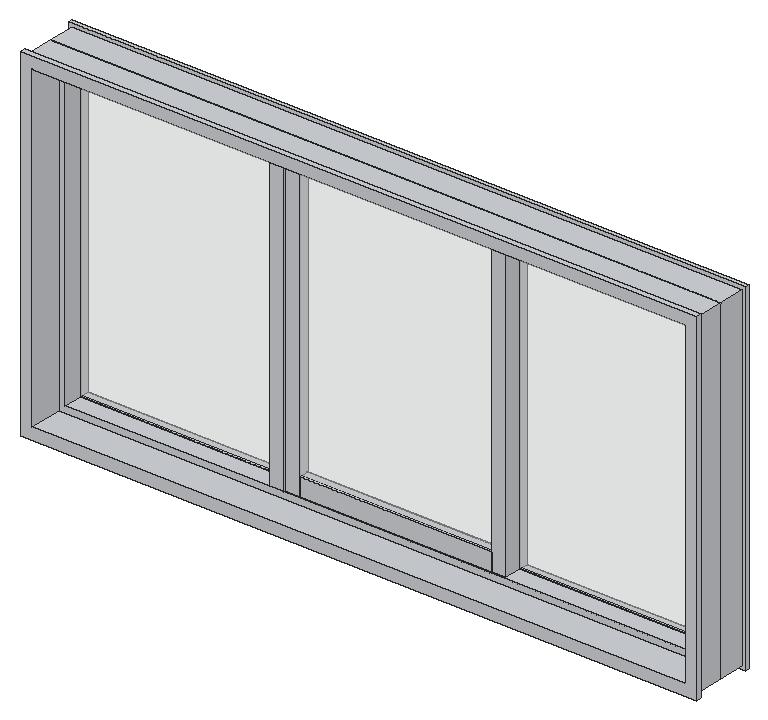
Revit family "APL Residential Thermal Heart Sliding Window FSF", category Windows, host Wall, Revit 2017 (continued)
Definition of nested family "APL Residential Thermal Heart Sliding Window FSF Vertical Section"
  Definition of nested family "Two Panel Head"
    Definition of nested family "65460_Door Top And Window Rail"
      Lines and regions (mm)
        detail lines, in view "Ref. Level"
          curve 200: line (2.895, 20.8, 0) -> (2.602, 20.8, 0)
          curve 201: line (2.202, 21.2, 0) -> (2.202, 24.6, 0)
          curve 202: arc (2.402, 7.33, 0) -> (2.261, 7.271, 0) -> (2.202, 7.13, 0) r 0.2
          curve 203: arc (2.202, 6.53, 0) -> (2.143, 6.388, 0) -> (2.002, 6.33, 0) r 0.2
          curve 204: arc (1.6, 6.33, 0) -> (1.459, 6.388, 0) -> (1.4, 6.53, 0) r 0.2
          curve 205: arc (1.644, 18.06, 0) -> (1.956, 18.728, 0) -> (2.642, 19, 0) r 1
          curve 206: arc (3.119, 19, 0) -> (3.424, 19.199, 0) -> (3.697, 18.957, 0) r 0.3
          curve 207: arc (3.697, 18.957, 0) -> (3.763, 18.819, 0) -> (3.889, 18.731, 0) r 0.3
          curve 208: arc (5.299, 18.218, 0) -> (5.585, 18.262, 0) -> (5.701, 18.526, 0) r 0.3
          curve 209: arc (5.494, 20.891, 0) -> (5.467, 20.992, 0) -> (5.407, 21.077, 0) r 0.3
          curve 210: arc (5.043, 21.441, 0) -> (4.85, 21.493, 0) -> (4.709, 21.352, 0) r 0.2
          curve 211: arc (4.664, 21.184, 0) -> (4.612, 21.095, 0) -> (4.523, 21.043, 0) r 0.2
          curve 212: arc (2.302, 20.5, 0) -> (2.022, 20.693, 0) -> (2.102, 21.023, 0) r 0.3
          curve 213: arc (2.102, 21.023, 0) -> (2.176, 21.125, 0) -> (2.202, 21.247, 0) r 0.3
          curve 214: arc (2.008, 25.25, 0) -> (2.044, 25.422, 0) -> (2.202, 25.5, 0) r 0.2
          curve 215: arc (2.722, 25.5, 0) -> (2.804, 25.489, 0) -> (2.879, 25.456, 0) r 0.3
          curve 216: arc (4.133, 24.691, 0) -> (4.13, 24.521, 0) -> (4.236, 24.388, 0) r 0.25
          curve 217: arc (4.322, 24.336, 0) -> (4.574, 24.332, 0) -> (4.702, 24.55, 0) r 0.25
          curve 218: arc (4.702, 26.696, 0) -> (4.676, 26.794, 0) -> (4.606, 26.867, 0) r 0.2
          curve 219: arc (2.725, 28.015, 0) -> (2.629, 28.186, 0) -> (2.725, 28.357, 0) r 0.2
          curve 220: arc (4.606, 29.505, 0) -> (4.676, 29.578, 0) -> (4.702, 29.676, 0) r 0.2
          curve 221: arc (4.702, 31.7, 0) -> (4.575, 31.918, 0) -> (4.322, 31.914, 0) r 0.25
          curve 222: arc (4.236, 31.861, 0) -> (4.13, 31.729, 0) -> (4.133, 31.559, 0) r 0.25
          curve 223: arc (2.879, 30.794, 0) -> (2.804, 30.761, 0) -> (2.723, 30.75, 0) r 0.3
          curve 224: arc (2.202, 30.75, 0) -> (2.044, 30.828, 0) -> (2.008, 31, 0) r 0.2
          curve 225: arc (2.202, 35.003, 0) -> (2.176, 35.125, 0) -> (2.102, 35.227, 0) r 0.3
          curve 226: arc (2.102, 35.227, 0) -> (2.022, 35.557, 0) -> (2.302, 35.75, 0) r 0.3
          curve 227: arc (4.523, 35.207, 0) -> (4.612, 35.155, 0) -> (4.664, 35.066, 0) r 0.2
          curve 228: arc (4.709, 34.898, 0) -> (4.85, 34.757, 0) -> (5.043, 34.809, 0) r 0.2
          curve 229: arc (5.407, 35.173, 0) -> (5.467, 35.258, 0) -> (5.494, 35.359, 0) r 0.3
          curve 230: arc (5.701, 37.724, 0) -> (5.585, 37.988, 0) -> (5.299, 38.032, 0) r 0.3
          curve 231: arc (3.889, 37.519, 0) -> (3.763, 37.431, 0) -> (3.697, 37.293, 0) r 0.3
          curve 232: arc (3.697, 37.293, 0) -> (3.424, 37.051, 0) -> (3.119, 37.25, 0) r 0.3
          curve 233: arc (2.3, 37.25, 0) -> (1.946, 37.397, 0) -> (1.8, 37.75, 0) r 0.5
          curve 234: arc (1.8, 41.053, 0) -> (1.86, 41.193, 0) -> (2, 41.25, 0) r 0.2
          curve 235: arc (3, 41.25, 0) -> (3.141, 41.309, 0) -> (3.2, 41.45, 0) r 0.2
          curve 236: arc (3.2, 42.55, 0) -> (3.141, 42.692, 0) -> (3, 42.75, 0) r 0.2
          curve 237: arc (2, 42.75, 0) -> (1.86, 42.808, 0) -> (1.8, 42.947, 0) r 0.2
          curve 238: arc (1.8, 56.053, 0) -> (1.86, 56.193, 0) -> (2, 56.25, 0) r 0.2
          curve 239: arc (3, 56.25, 0) -> (3.141, 56.309, 0) -> (3.2, 56.45, 0) r 0.2
          curve 240: arc (3.2, 57.55, 0) -> (3.141, 57.692, 0) -> (3, 57.75, 0) r 0.2
          curve 241: arc (2, 57.75, 0) -> (1.86, 57.808, 0) -> (1.8, 57.947, 0) r 0.2
          curve 242: arc (1.8, 71.8, 0) -> (1.741, 71.942, 0) -> (1.6, 72, 0) r 0.2
          curve 243: arc (0.5, 72, 0) -> (0.146, 71.854, 0) -> (0, 71.5, 0) r 0.5
          curve 244: arc (0, 0.2, 0) -> (0.059, 0.058, 0) -> (0.2, 0, 0) r 0.2
          curve 245: arc (3.002, 0, 0) -> (3.143, 0.058, 0) -> (3.202, 0.2, 0) r 0.2
          curve 246: arc (3.202, 1.63, 0) -> (3.143, 1.771, 0) -> (3.002, 1.83, 0) r 0.2
          curve 247: arc (2.402, 1.83, 0) -> (2.261, 1.771, 0) -> (2.202, 1.63, 0) r 0.2
          curve 248: arc (2.202, 1.28, 0) -> (2.143, 1.138, 0) -> (2.002, 1.08, 0) r 0.2
          curve 249: arc (1.402, 1.08, 0) -> (1.261, 1.138, 0) -> (1.202, 1.28, 0) r 0.2
          curve 250: arc (1.202, 4.38, 0) -> (1.261, 4.521, 0) -> (1.402, 4.58, 0) r 0.2
          curve 251: arc (2.002, 4.58, 0) -> (2.143, 4.521, 0) -> (2.202, 4.38, 0) r 0.2
          curve 252: arc (2.202, 4.03, 0) -> (2.261, 3.888, 0) -> (2.402, 3.83, 0) r 0.2
          curve 253: arc (3.002, 3.83, 0) -> (3.143, 3.888, 0) -> (3.202, 4.03, 0) r 0.2
          curve 254: line (3.002, 7.33, 0) -> (2.402, 7.33, 0)
          curve 255: line (2.202, 7.13, 0) -> (2.202, 6.53, 0)
          curve 256: line (2.002, 6.33, 0) -> (1.6, 6.33, 0)
          curve 257: line (1.4, 6.53, 0) -> (1.4, 14, 0)
          curve 258: line (1.4, 14, 0) -> (1.644, 18.06, 0)
          curve 259: line (2.642, 19, 0) -> (3.119, 19, 0)
          curve 260: line (3.889, 18.731, 0) -> (5.299, 18.218, 0)
          curve 261: line (5.701, 18.526, 0) -> (5.494, 20.891, 0)
          curve 262: line (5.407, 21.077, 0) -> (5.043, 21.441, 0)
          curve 263: line (4.709, 21.352, 0) -> (4.664, 21.184, 0)
          curve 264: line (4.523, 21.043, 0) -> (2.534, 20.51, 0)
          curve 265: line (2.202, 21.247, 0) -> (2.202, 24.474, 0)
          curve 266: line (2.196, 24.524, 0) -> (2.008, 25.25, 0)
          curve 267: line (2.202, 25.5, 0) -> (2.722, 25.5, 0)
          curve 268: line (2.879, 25.456, 0) -> (4.133, 24.691, 0)
          curve 269: line (4.702, 24.55, 0) -> (4.702, 26.696, 0)
          curve 270: line (4.606, 26.867, 0) -> (2.725, 28.015, 0)
          curve 271: line (2.725, 28.357, 0) -> (4.606, 29.505, 0)
          curve 272: line (4.702, 29.676, 0) -> (4.702, 31.7, 0)
          curve 273: line (4.133, 31.559, 0) -> (2.879, 30.794, 0)
          curve 274: line (2.723, 30.75, 0) -> (2.202, 30.75, 0)
          curve 275: line (2.008, 31, 0) -> (2.196, 31.726, 0)
          curve 276: line (2.202, 31.776, 0) -> (2.202, 35.003, 0)
          curve 277: line (2.534, 35.74, 0) -> (4.523, 35.207, 0)
          curve 278: line (4.664, 35.066, 0) -> (4.709, 34.898, 0)
          curve 279: line (5.043, 34.809, 0) -> (5.407, 35.173, 0)
          curve 280: line (5.494, 35.359, 0) -> (5.701, 37.724, 0)
          curve 281: line (5.299, 38.032, 0) -> (3.889, 37.519, 0)
          curve 282: line (3.119, 37.25, 0) -> (2.3, 37.25, 0)
          curve 283: line (1.8, 37.75, 0) -> (1.8, 41.053, 0)
          curve 284: line (2, 41.25, 0) -> (3, 41.25, 0)
          curve 285: line (3.2, 41.45, 0) -> (3.2, 42.55, 0)
          curve 286: line (3, 42.75, 0) -> (2, 42.75, 0)
          curve 287: line (1.8, 42.947, 0) -> (1.8, 56.053, 0)
          curve 288: line (2, 56.25, 0) -> (3, 56.25, 0)
          curve 289: line (3.2, 56.45, 0) -> (3.2, 57.55, 0)
          curve 290: line (3, 57.75, 0) -> (2, 57.75, 0)
          curve 291: line (1.8, 57.947, 0) -> (1.8, 71.8, 0)
          curve 292: line (1.6, 72, 0) -> (0.5, 72, 0)
          curve 293: line (0, 71.5, 0) -> (0, 0.2, 0)
          curve 294: line (0.2, 0, 0) -> (3.002, 0, 0)
          curve 295: line (3.202, 0.2, 0) -> (3.202, 1.63, 0)
          curve 296: line (3.002, 1.83, 0) -> (2.402, 1.83, 0)
          curve 297: line (2.202, 1.63, 0) -> (2.202, 1.28, 0)
          curve 298: line (2.002, 1.08, 0) -> (1.402, 1.08, 0)
          curve 299: line (1.202, 1.28, 0) -> (1.202, 4.38, 0)
          curve 300: line (1.402, 4.58, 0) -> (2.002, 4.58, 0)
          curve 301: line (2.202, 4.38, 0) -> (2.202, 4.03, 0)
          curve 302: line (2.402, 3.83, 0) -> (3.002, 3.83, 0)
          curve 303: line (3.202, 4.03, 0) -> (3.202, 7.13, 0)
          curve 304: arc (3.202, 7.13, 0) -> (3.143, 7.271, 0) -> (3.002, 7.33, 0) r 0.2
      Text (mm)
        text "65460" at (7.711, 85.3, 0), in view "Ref. Level"
    Definition of nested family "65400_Frame Head"
      Reference planes
        plane 1 "Center (Front/Back)": y = 0
        plane 2: z = 0
        plane 3 "Center (Left/Right)": x = 0
      Lines and regions (mm)
        detail lines, in view "Ref. Level"
          curve 1: arc (46.1, -24.2, 0) -> (45.602, -22.998, 0) -> (44.4, -22.5, 0) r 1.7
          curve 2: arc (29.9, -22.5, 0) -> (29.546, -22.354, 0) -> (29.4, -22, 0) r 0.5
          curve 3: arc (29.4, -8.901, 0) -> (29.546, -8.547, 0) -> (29.9, -8.4, 0) r 0.5
          curve 4: arc (36.605, -8.4, 0) -> (37.013, -8.479, 0) -> (37.363, -8.704, 0) r 1.1
          curve 5: arc (37.363, -8.704, 0) -> (38.199, -9.316, 0) -> (39.189, -9.621, 0) r 3.126
          curve 6: arc (62.286, -10.8, 0) -> (62.738, -11.119, 0) -> (63.285, -11.042, 0) r 0.75
          curve 7: arc (63.285, -11.042, 0) -> (64.2, -10.8, 0) -> (65.115, -11.042, 0) r 1.85
          curve 8: arc (65.115, -11.042, 0) -> (65.281, -11.112, 0) -> (65.459, -11.14, 0) r 0.75
          curve 9: arc (65.459, -11.14, 0) -> (65.663, -11.192, 0) -> (65.828, -11.324, 0) r 0.5
          curve 10: arc (65.828, -11.324, 0) -> (66.3, -12.65, 0) -> (65.828, -13.976, 0) r 2.1
          curve 11: arc (65.828, -13.976, 0) -> (65.663, -14.108, 0) -> (65.459, -14.16, 0) r 0.5
          curve 12: arc (65.459, -14.16, 0) -> (65.281, -14.188, 0) -> (65.115, -14.258, 0) r 0.75
          curve 13: arc (65.115, -14.258, 0) -> (63.721, -14.437, 0) -> (62.604, -13.585, 0) r 1.85
          curve 14: arc (62.604, -13.585, 0) -> (61.577, -13.317, 0) -> (61.309, -14.343, 0) r 0.75
          curve 15: arc (61.309, -14.343, 0) -> (62.349, -15.442, 0) -> (63.765, -15.972, 0) r 3.35
          curve 16: arc (63.765, -15.972, 0) -> (64.076, -16.138, 0) -> (64.2, -16.467, 0) r 0.5
          curve 17: arc (64.2, -25.517, 0) -> (64.489, -27.435, 0) -> (65.33, -29.182, 0) r 6.5
          curve 18: arc (65.33, -29.182, 0) -> (65.978, -30.526, 0) -> (66.2, -32, 0) r 5
          curve 19: arc (66.2, -41.1, 0) -> (66.054, -41.454, 0) -> (65.7, -41.6, 0) r 0.5
          curve 20: arc (47, -41.6, 0) -> (46.646, -41.454, 0) -> (46.5, -41.1, 0) r 0.5
          curve 21: arc (46.5, -36.5, 0) -> (46.396, -35.952, 0) -> (46.1, -35.48, 0) r 1.5
          curve 22: arc (24.183, -8.227, 0) -> (24.053, -8.162, 0) -> (24, -8.027, 0) r 0.2
          curve 23: arc (24.399, -5.679, 0) -> (24.668, -5.392, 0) -> (25.06, -5.387, 0) r 0.5
          curve 24: arc (25.06, -5.387, 0) -> (25.236, -5.3, 0) -> (25.42, -5.367, 0) r 0.25
          curve 25: arc (25.42, -5.367, 0) -> (25.563, -5.498, 0) -> (25.569, -5.691, 0) r 0.25
          curve 26: arc (26.823, -6.456, 0) -> (26.898, -6.489, 0) -> (26.979, -6.5, 0) r 0.3
          curve 27: arc (27.5, -6.5, 0) -> (27.658, -6.422, 0) -> (27.694, -6.25, 0) r 0.2
          curve 28: arc (27.5, -2.247, 0) -> (27.526, -2.125, 0) -> (27.6, -2.024, 0) r 0.3
          curve 29: arc (27.6, -2.024, 0) -> (27.664, -1.657, 0) -> (27.322, -1.51, 0) r 0.3
          curve 30: arc (25.179, -2.043, 0) -> (25.09, -2.095, 0) -> (25.038, -2.184, 0) r 0.2
          curve 31: arc (24.993, -2.352, 0) -> (24.852, -2.493, 0) -> (24.659, -2.441, 0) r 0.2
          curve 32: arc (24.295, -2.078, 0) -> (24.235, -1.992, 0) -> (24.208, -1.892, 0) r 0.3
          curve 33: arc (24.001, 0.474, 0) -> (24.117, 0.738, 0) -> (24.403, 0.782, 0) r 0.3
          curve 34: arc (25.813, 0.268, 0) -> (25.939, 0.181, 0) -> (26.005, 0.043, 0) r 0.3
          curve 35: arc (26.005, 0.043, 0) -> (26.278, -0.199, 0) -> (26.583, 0, 0) r 0.3
          curve 36: arc (28.9, 0, 0) -> (29.254, -0.146, 0) -> (29.4, -0.5, 0) r 0.5
          curve 37: arc (29.4, -6.1, 0) -> (29.546, -6.454, 0) -> (29.9, -6.6, 0) r 0.499
          curve 38: arc (37.767, -6.6, 0) -> (38.931, -6.835, 0) -> (39.913, -7.503, 0) r 2.996
          curve 39: arc (39.913, -7.503, 0) -> (40.232, -7.73, 0) -> (40.611, -7.831, 0) r 1.1
          curve 40: arc (68.1, -8.9, 0) -> (68.241, -8.841, 0) -> (68.3, -8.7, 0) r 0.2
          curve 41: arc (68.3, -0.5, 0) -> (68.446, -0.146, 0) -> (68.8, 0, 0) r 0.5
          curve 42: arc (71.117, 0, 0) -> (71.422, -0.199, 0) -> (71.695, 0.043, 0) r 0.3
          curve 43: arc (71.695, 0.043, 0) -> (71.761, 0.181, 0) -> (71.887, 0.268, 0) r 0.3
          curve 44: arc (73.297, 0.782, 0) -> (73.583, 0.738, 0) -> (73.699, 0.474, 0) r 0.3
          curve 45: arc (73.492, -1.892, 0) -> (73.465, -1.992, 0) -> (73.405, -2.078, 0) r 0.3
          curve 46: arc (73.041, -2.441, 0) -> (72.848, -2.493, 0) -> (72.707, -2.352, 0) r 0.2
          curve 47: arc (72.662, -2.184, 0) -> (72.61, -2.095, 0) -> (72.521, -2.043, 0) r 0.2
          curve 48: arc (70.378, -1.51, 0) -> (70.036, -1.657, 0) -> (70.1, -2.024, 0) r 0.3
          curve 49: arc (70.1, -2.024, 0) -> (70.174, -2.125, 0) -> (70.2, -2.247, 0) r 0.3
          curve 50: arc (70.006, -6.25, 0) -> (70.042, -6.422, 0) -> (70.2, -6.5, 0) r 0.2
          curve 51: arc (70.721, -6.5, 0) -> (70.802, -6.489, 0) -> (70.877, -6.456, 0) r 0.3
          curve 52: arc (72.131, -5.691, 0) -> (72.137, -5.498, 0) -> (72.28, -5.367, 0) r 0.25
          curve 53: arc (72.28, -5.367, 0) -> (72.55, -5.321, 0) -> (72.7, -5.55, 0) r 0.25
          curve 54: arc (72.7, -7.124, 0) -> (72.618, -7.522, 0) -> (72.385, -7.854, 0) r 1
          curve 55: arc (72.385, -7.854, 0) -> (72.322, -8, 0) -> (72.385, -8.146, 0) r 0.2
          curve 56: arc (72.385, -8.146, 0) -> (72.618, -8.477, 0) -> (72.7, -8.874, 0) r 1
          curve 57: arc (72.7, -10.449, 0) -> (72.573, -10.668, 0) -> (72.32, -10.663, 0) r 0.25
          curve 58: arc (72.234, -10.611, 0) -> (72.128, -10.479, 0) -> (72.131, -10.309, 0) r 0.25
          curve 59: arc (70.877, -9.544, 0) -> (70.802, -9.511, 0) -> (70.721, -9.5, 0) r 0.3
          curve 60: arc (70.2, -9.5, 0) -> (70.042, -9.578, 0) -> (70.006, -9.75, 0) r 0.2
          curve 61: arc (70.2, -13.753, 0) -> (70.174, -13.876, 0) -> (70.1, -13.976, 0) r 0.3
          curve 62: arc (70.1, -13.976, 0) -> (70.02, -14.307, 0) -> (70.3, -14.5, 0) r 0.3
          curve 63: arc (72.521, -13.957, 0) -> (72.61, -13.905, 0) -> (72.662, -13.816, 0) r 0.2
          curve 64: arc (72.707, -13.648, 0) -> (72.848, -13.507, 0) -> (73.041, -13.559, 0) r 0.2
          curve 65: arc (73.405, -13.922, 0) -> (73.465, -14.008, 0) -> (73.492, -14.108, 0) r 0.3
          curve 66: arc (73.699, -16.474, 0) -> (73.583, -16.738, 0) -> (73.297, -16.782, 0) r 0.3
          curve 67: arc (71.887, -16.268, 0) -> (71.761, -16.181, 0) -> (71.695, -16.043, 0) r 0.3
          curve 68: arc (71.695, -16.043, 0) -> (71.422, -15.801, 0) -> (71.117, -16, 0) r 0.3
          curve 69: arc (66.201, -16, 0) -> (65.847, -16.146, 0) -> (65.7, -16.5, 0) r 0.5
          curve 70: arc (65.7, -25.519, 0) -> (65.922, -26.994, 0) -> (66.57, -28.337, 0) r 5
          curve 71: arc (66.57, -28.337, 0) -> (67.411, -30.083, 0) -> (67.7, -32, 0) r 6.5
          curve 72: arc (67.7, -33.1, 0) -> (67.759, -33.241, 0) -> (67.9, -33.3, 0) r 0.2
          curve 73: arc (69.3, -33.3, 0) -> (69.441, -33.241, 0) -> (69.5, -33.1, 0) r 0.2
          curve 74: arc (69.5, -32.8, 0) -> (70, -32.299, 0) -> (70.5, -32.8, 0) r 0.5
          curve 75: arc (70.5, -35.351, 0) -> (69.999, -35.85, 0) -> (69.5, -35.35, 0) r 0.5
          curve 76: arc (69.5, -34.5, 0) -> (69.441, -34.359, 0) -> (69.3, -34.3, 0) r 0.2
          curve 77: arc (67.9, -34.3, 0) -> (67.759, -34.359, 0) -> (67.7, -34.5, 0) r 0.2
          curve 78: arc (67.7, -41.8, 0) -> (67.759, -41.941, 0) -> (67.9, -42, 0) r 0.2
          curve 79: arc (69.3, -42, 0) -> (69.441, -41.941, 0) -> (69.5, -41.8, 0) r 0.2
          curve 80: arc (69.5, -40.95, 0) -> (70, -40.449, 0) -> (70.5, -40.95, 0) r 0.5
          curve 81: arc (70.5, -42.499, 0) -> (70.354, -42.853, 0) -> (70, -43, 0) r 0.5
          curve 82: arc (42.7, -43, 0) -> (42.559, -42.941, 0) -> (42.5, -42.8, 0) r 0.2
          curve 83: arc (42.5, -41.25, 0) -> (43, -40.749, 0) -> (43.5, -41.25, 0) r 0.5
          curve 84: arc (43.5, -41.8, 0) -> (43.559, -41.941, 0) -> (43.7, -42, 0) r 0.2
          curve 85: arc (44.8, -42, 0) -> (44.941, -41.941, 0) -> (45, -41.8, 0) r 0.2
          curve 86: arc (45, -36.7, 0) -> (44.941, -36.559, 0) -> (44.8, -36.5, 0) r 0.2
          curve 87: arc (43.7, -36.5, 0) -> (43.559, -36.559, 0) -> (43.5, -36.7, 0) r 0.2
          curve 88: arc (43.5, -37.25, 0) -> (43, -37.749, 0) -> (42.5, -37.25, 0) r 0.5
          curve 89: arc (42.5, -36.5, 0) -> (42.793, -35.793, 0) -> (43.5, -35.5, 0) r 1
          curve 90: arc (44.395, -35.5, 0) -> (44.539, -35.443, 0) -> (44.6, -35.3, 0) r 0.202
          curve 91: arc (44.6, -24.2, 0) -> (44.538, -24.058, 0) -> (44.395, -24, 0) r 0.205
          curve 92: arc (26.583, -24, 0) -> (26.278, -23.801, 0) -> (26.005, -24.043, 0) r 0.3
          curve 93: arc (26.005, -24.043, 0) -> (25.939, -24.181, 0) -> (25.813, -24.268, 0) r 0.3
          curve 94: arc (24.403, -24.782, 0) -> (24.117, -24.738, 0) -> (24.001, -24.474, 0) r 0.3
          curve 95: arc (24.208, -22.108, 0) -> (24.235, -22.008, 0) -> (24.295, -21.922, 0) r 0.3
          curve 96: arc (24.659, -21.559, 0) -> (24.852, -21.507, 0) -> (24.993, -21.648, 0) r 0.2
          curve 97: arc (25.038, -21.816, 0) -> (25.09, -21.905, 0) -> (25.179, -21.957, 0) r 0.2
          curve 98: arc (27.322, -22.49, 0) -> (27.664, -22.343, 0) -> (27.6, -21.976, 0) r 0.3
          curve 99: arc (27.6, -21.976, 0) -> (27.526, -21.875, 0) -> (27.5, -21.753, 0) r 0.3
          curve 100: arc (27.694, -17.75, 0) -> (27.658, -17.578, 0) -> (27.5, -17.5, 0) r 0.2
          curve 101: arc (26.979, -17.5, 0) -> (26.898, -17.511, 0) -> (26.823, -17.544, 0) r 0.3
          curve 102: arc (25.569, -18.309, 0) -> (25.563, -18.502, 0) -> (25.42, -18.633, 0) r 0.25
          curve 103: arc (25.42, -18.633, 0) -> (25.15, -18.679, 0) -> (25, -18.45, 0) r 0.25
          curve 104: arc (25, -16.874, 0) -> (25.128, -16.385, 0) -> (25.479, -16.021, 0) r 1
          curve 105: line (46.1, -35.48, 0) -> (46.1, -24.2, 0)
          curve 106: line (44.4, -22.5, 0) -> (29.9, -22.5, 0)
          curve 107: line (29.4, -22, 0) -> (29.4, -8.901, 0)
          curve 108: line (29.9, -8.4, 0) -> (36.605, -8.4, 0)
          curve 109: line (39.189, -9.621, 0) -> (53.629, -10.8, 0)
          curve 110: line (53.629, -10.8, 0) -> (62.286, -10.8, 0)
          curve 111: line (64.2, -16.467, 0) -> (64.2, -25.517, 0)
          curve 112: line (66.2, -32, 0) -> (66.2, -41.1, 0)
          curve 113: line (65.7, -41.6, 0) -> (47, -41.6, 0)
          curve 114: line (46.5, -41.1, 0) -> (46.5, -36.5, 0)
          curve 115: line (27.317, -8.501, 0) -> (24.183, -8.227, 0)
          curve 116: line (24, -8.027, 0) -> (24, -6.776, 0)
          curve 117: line (24, -6.776, 0) -> (24.399, -5.679, 0)
          curve 118: line (25.569, -5.691, 0) -> (26.823, -6.456, 0)
          curve 119: line (26.979, -6.5, 0) -> (27.5, -6.5, 0)
          curve 120: line (27.694, -6.25, 0) -> (27.5, -5.5, 0)
          curve 121: line (27.5, -5.475, 0) -> (27.5, -2.247, 0)
          curve 122: line (27.312, -1.472, 0) -> (25.179, -2.043, 0)
          curve 123: line (25.038, -2.184, 0) -> (24.993, -2.352, 0)
          curve 124: line (24.659, -2.441, 0) -> (24.295, -2.078, 0)
          curve 125: line (24.208, -1.892, 0) -> (24.001, 0.474, 0)
          curve 126: line (24.403, 0.782, 0) -> (25.813, 0.268, 0)
          curve 127: line (26.583, 0, 0) -> (28.9, 0, 0)
          curve 128: line (29.4, -0.5, 0) -> (29.4, -6.1, 0)
          curve 129: line (29.9, -6.6, 0) -> (33.5, -6.6, 0)
          curve 130: line (33.5, -6.6, 0) -> (33.9, -7, 0)
          curve 131: line (33.9, -7, 0) -> (34.3, -6.6, 0)
          curve 132: line (34.3, -6.6, 0) -> (37.767, -6.6, 0)
          curve 133: line (40.611, -7.831, 0) -> (53.707, -8.9, 0)
          curve 134: line (53.707, -8.9, 0) -> (58.307, -8.9, 0)
          curve 135: line (58.307, -8.9, 0) -> (58.707, -9.3, 0)
          curve 136: line (58.707, -9.3, 0) -> (59.107, -8.9, 0)
          curve 137: line (59.107, -8.9, 0) -> (68.1, -8.9, 0)
          curve 138: line (68.3, -8.7, 0) -> (68.3, -0.5, 0)
          curve 139: line (68.8, 0, 0) -> (71.117, 0, 0)
          curve 140: line (71.887, 0.268, 0) -> (73.297, 0.782, 0)
          curve 141: line (73.699, 0.474, 0) -> (73.492, -1.892, 0)
          curve 142: line (73.405, -2.078, 0) -> (73.041, -2.441, 0)
          curve 143: line (72.707, -2.352, 0) -> (72.662, -2.184, 0)
          curve 144: line (72.521, -2.043, 0) -> (70.388, -1.472, 0)
          curve 145: line (70.2, -2.247, 0) -> (70.2, -5.475, 0)
          curve 146: line (70.2, -5.5, 0) -> (70.006, -6.25, 0)
          curve 147: line (70.2, -6.5, 0) -> (70.721, -6.5, 0)
          curve 148: line (70.877, -6.456, 0) -> (72.131, -5.691, 0)
          curve 149: line (72.7, -5.55, 0) -> (72.7, -7.124, 0)
          curve 150: line (72.7, -8.874, 0) -> (72.7, -10.449, 0)
          curve 151: line (72.131, -10.309, 0) -> (70.877, -9.544, 0)
          curve 152: line (70.721, -9.5, 0) -> (70.2, -9.5, 0)
          curve 153: line (70.006, -9.75, 0) -> (70.2, -10.5, 0)
          curve 154: line (70.2, -10.525, 0) -> (70.2, -13.753, 0)
          curve 155: line (70.532, -14.49, 0) -> (72.521, -13.957, 0)
          curve 156: line (72.662, -13.816, 0) -> (72.707, -13.648, 0)
          curve 157: line (73.041, -13.559, 0) -> (73.405, -13.922, 0)
          curve 158: line (73.492, -14.108, 0) -> (73.699, -16.474, 0)
          curve 159: line (73.297, -16.782, 0) -> (71.887, -16.268, 0)
          curve 160: line (71.117, -16, 0) -> (66.201, -16, 0)
          curve 161: line (65.7, -16.5, 0) -> (65.7, -25.519, 0)
          curve 162: line (67.7, -32, 0) -> (67.7, -33.1, 0)
          curve 163: line (67.9, -33.3, 0) -> (69.3, -33.3, 0)
          curve 164: line (69.5, -33.1, 0) -> (69.5, -32.8, 0)
          curve 165: line (70.5, -32.8, 0) -> (70.5, -35.351, 0)
          curve 166: line (69.5, -35.35, 0) -> (69.5, -34.5, 0)
          curve 167: line (69.3, -34.3, 0) -> (67.9, -34.3, 0)
          curve 168: line (67.7, -34.5, 0) -> (67.7, -41.8, 0)
          curve 169: line (67.9, -42, 0) -> (69.3, -42, 0)
          curve 170: line (69.5, -41.8, 0) -> (69.5, -40.95, 0)
          curve 171: line (70.5, -40.95, 0) -> (70.5, -42.499, 0)
          curve 172: line (70, -43, 0) -> (42.7, -43, 0)
          curve 173: line (42.5, -42.8, 0) -> (42.5, -41.25, 0)
          curve 174: line (43.5, -41.25, 0) -> (43.5, -41.8, 0)
          curve 175: line (43.7, -42, 0) -> (44.8, -42, 0)
          curve 176: line (45, -41.8, 0) -> (45, -36.7, 0)
          curve 177: line (44.8, -36.5, 0) -> (43.7, -36.5, 0)
          curve 178: line (43.5, -36.7, 0) -> (43.5, -37.25, 0)
          curve 179: line (42.5, -37.25, 0) -> (42.5, -36.5, 0)
          curve 180: line (43.5, -35.5, 0) -> (44.395, -35.5, 0)
          curve 181: line (44.6, -35.3, 0) -> (44.6, -24.2, 0)
          curve 182: line (44.395, -24, 0) -> (34.3, -24, 0)
          curve 183: line (34.3, -24, 0) -> (33.9, -23.6, 0)
          curve 184: line (33.9, -23.6, 0) -> (33.5, -24, 0)
          curve 185: line (33.5, -24, 0) -> (26.583, -24, 0)
          curve 186: line (25.813, -24.268, 0) -> (24.403, -24.782, 0)
          curve 187: line (24.001, -24.474, 0) -> (24.208, -22.108, 0)
          curve 188: line (24.295, -21.922, 0) -> (24.659, -21.559, 0)
          curve 189: line (24.993, -21.648, 0) -> (25.038, -21.816, 0)
          curve 190: line (25.179, -21.957, 0) -> (27.312, -22.528, 0)
          curve 191: line (27.5, -21.753, 0) -> (27.5, -18.525, 0)
          curve 192: line (27.5, -18.5, 0) -> (27.694, -17.75, 0)
          curve 193: line (27.5, -17.5, 0) -> (26.979, -17.5, 0)
          curve 194: line (26.823, -17.544, 0) -> (25.569, -18.309, 0)
          curve 195: line (25, -18.45, 0) -> (25, -16.874, 0)
          curve 196: line (25.479, -16.021, 0) -> (26.284, -15.529, 0)
          curve 197: line (26.389, -15.5, 0) -> (27.5, -15.5, 0)
          curve 198: line (27.5, -15.5, 0) -> (27.5, -8.7, 0)
          curve 199: arc (27.5, -8.7, 0) -> (27.447, -8.565, 0) -> (27.317, -8.501, 0) r 0.2
          curve 200: arc (70.2, -10.4, 0) -> (70.317, -10.117, 0) -> (70.6, -10, 0) r 0.4
          curve 201: arc (70.893, -10, 0) -> (70.996, -10.014, 0) -> (71.093, -10.054, 0) r 0.4
          curve 202: arc (72.621, -10.939, 0) -> (72.911, -11.059, 0) -> (73.222, -11.1, 0) r 1.2
          curve 203: arc (74.145, -11.1, 0) -> (74.718, -11.281, 0) -> (75.084, -11.758, 0) r 1
          curve 204: arc (75.877, -13.937, 0) -> (76.024, -14.128, 0) -> (76.253, -14.2, 0) r 0.4
          curve 205: arc (78.947, -14.2, 0) -> (79.176, -14.128, 0) -> (79.323, -13.937, 0) r 0.4
          curve 206: arc (80.116, -11.758, 0) -> (80.482, -11.281, 0) -> (81.055, -11.1, 0) r 1
          curve 207: arc (81.978, -11.1, 0) -> (82.289, -11.059, 0) -> (82.579, -10.939, 0) r 1.2
          curve 208: arc (84.107, -10.054, 0) -> (84.204, -10.014, 0) -> (84.307, -10, 0) r 0.4
          curve 209: arc (84.6, -10, 0) -> (84.883, -10.117, 0) -> (85, -10.4, 0) r 0.4
          curve 210: arc (85, -13.8, 0) -> (84.883, -14.083, 0) -> (84.6, -14.2, 0) r 0.4
          curve 211: arc (84.307, -14.2, 0) -> (84.204, -14.186, 0) -> (84.107, -14.146, 0) r 0.4
          curve 212: arc (82.579, -13.262, 0) -> (82.285, -13.14, 0) -> (81.97, -13.1, 0) r 1.2
          curve 213: arc (81.97, -13.1, 0) -> (81.795, -13.153, 0) -> (81.684, -13.297, 0) r 0.3
          curve 214: arc (80.796, -15.737, 0) -> (80.649, -15.928, 0) -> (80.42, -16, 0) r 0.4
          curve 215: arc (74.78, -16, 0) -> (74.551, -15.928, 0) -> (74.404, -15.737, 0) r 0.4
          curve 216: arc (73.516, -13.297, 0) -> (73.405, -13.153, 0) -> (73.23, -13.1, 0) r 0.3
          curve 217: arc (73.23, -13.1, 0) -> (72.915, -13.14, 0) -> (72.621, -13.262, 0) r 1.2
          curve 218: arc (71.093, -14.146, 0) -> (70.996, -14.186, 0) -> (70.893, -14.2, 0) r 0.4
          curve 219: arc (70.6, -14.2, 0) -> (70.317, -14.083, 0) -> (70.2, -13.8, 0) r 0.4
          curve 220: line (70.6, -10, 0) -> (70.893, -10, 0)
          curve 221: line (71.093, -10.054, 0) -> (72.621, -10.939, 0)
          curve 222: line (73.222, -11.1, 0) -> (74.145, -11.1, 0)
          curve 223: line (75.084, -11.758, 0) -> (75.877, -13.937, 0)
          curve 224: line (76.253, -14.2, 0) -> (78.947, -14.2, 0)
          curve 225: line (79.323, -13.937, 0) -> (80.116, -11.758, 0)
          curve 226: line (81.055, -11.1, 0) -> (81.978, -11.1, 0)
          curve 227: line (82.579, -10.939, 0) -> (84.107, -10.054, 0)
          curve 228: line (84.307, -10, 0) -> (84.6, -10, 0)
          curve 229: line (85, -10.4, 0) -> (85, -13.8, 0)
          curve 230: line (84.6, -14.2, 0) -> (84.307, -14.2, 0)
          curve 231: line (84.107, -14.146, 0) -> (82.579, -13.262, 0)
          curve 232: line (81.684, -13.297, 0) -> (80.796, -15.737, 0)
          curve 233: line (80.42, -16, 0) -> (74.78, -16, 0)
          curve 234: line (74.404, -15.737, 0) -> (73.516, -13.297, 0)
          curve 235: line (72.621, -13.262, 0) -> (71.093, -14.146, 0)
          curve 236: line (70.893, -14.2, 0) -> (70.6, -14.2, 0)
          curve 237: line (70.2, -13.8, 0) -> (70.2, -10.4, 0)
          curve 238: arc (70.2, -5.6, 0) -> (70.317, -5.883, 0) -> (70.6, -6, 0) r 0.4
          curve 239: arc (70.893, -6, 0) -> (70.996, -5.986, 0) -> (71.093, -5.946, 0) r 0.4
          curve 240: arc (72.621, -5.061, 0) -> (72.911, -4.941, 0) -> (73.222, -4.9, 0) r 1.2
          curve 241: arc (74.145, -4.9, 0) -> (74.718, -4.719, 0) -> (75.084, -4.242, 0) r 1
          curve 242: arc (75.877, -2.063, 0) -> (76.024, -1.872, 0) -> (76.253, -1.8, 0) r 0.4
          curve 243: arc (78.947, -1.8, 0) -> (79.176, -1.872, 0) -> (79.323, -2.063, 0) r 0.4
          curve 244: arc (80.116, -4.242, 0) -> (80.482, -4.719, 0) -> (81.055, -4.9, 0) r 1
          curve 245: arc (81.978, -4.9, 0) -> (82.289, -4.941, 0) -> (82.579, -5.061, 0) r 1.2
          curve 246: arc (84.107, -5.946, 0) -> (84.204, -5.986, 0) -> (84.307, -6, 0) r 0.4
          curve 247: arc (84.6, -6, 0) -> (84.883, -5.883, 0) -> (85, -5.6, 0) r 0.4
          curve 248: arc (85, -2.2, 0) -> (84.883, -1.917, 0) -> (84.6, -1.8, 0) r 0.4
          curve 249: arc (84.307, -1.8, 0) -> (84.204, -1.814, 0) -> (84.107, -1.854, 0) r 0.4
          curve 250: arc (82.579, -2.739, 0) -> (82.285, -2.86, 0) -> (81.97, -2.9, 0) r 1.2
          curve 251: arc (81.97, -2.9, 0) -> (81.795, -2.847, 0) -> (81.684, -2.703, 0) r 0.3
          curve 252: arc (80.796, -0.263, 0) -> (80.649, -0.072, 0) -> (80.42, 0, 0) r 0.4
          curve 253: arc (74.78, 0, 0) -> (74.551, -0.072, 0) -> (74.404, -0.263, 0) r 0.4
          curve 254: arc (73.516, -2.703, 0) -> (73.405, -2.847, 0) -> (73.23, -2.9, 0) r 0.3
          curve 255: arc (73.23, -2.9, 0) -> (72.915, -2.86, 0) -> (72.621, -2.739, 0) r 1.2
          curve 256: arc (71.093, -1.854, 0) -> (70.996, -1.814, 0) -> (70.893, -1.8, 0) r 0.4
          curve 257: arc (70.6, -1.8, 0) -> (70.317, -1.917, 0) -> (70.2, -2.2, 0) r 0.4
          curve 258: line (70.6, -6, 0) -> (70.893, -6, 0)
          curve 259: line (71.093, -5.946, 0) -> (72.621, -5.061, 0)
          curve 260: line (73.222, -4.9, 0) -> (74.145, -4.9, 0)
          curve 261: line (75.084, -4.242, 0) -> (75.877, -2.063, 0)
          curve 262: line (76.253, -1.8, 0) -> (78.947, -1.8, 0)
          curve 263: line (79.323, -2.063, 0) -> (80.116, -4.242, 0)
          curve 264: line (81.055, -4.9, 0) -> (81.978, -4.9, 0)
          curve 265: line (82.579, -5.061, 0) -> (84.107, -5.946, 0)
          curve 266: line (84.307, -6, 0) -> (84.6, -6, 0)
          curve 267: line (85, -5.6, 0) -> (85, -2.2, 0)
          curve 268: line (84.6, -1.8, 0) -> (84.307, -1.8, 0)
          curve 269: line (84.107, -1.854, 0) -> (82.579, -2.739, 0)
          curve 270: line (81.684, -2.703, 0) -> (80.796, -0.263, 0)
          curve 271: line (80.42, 0, 0) -> (74.78, 0, 0)
          curve 272: line (74.404, -0.263, 0) -> (73.516, -2.703, 0)
          curve 273: line (72.621, -2.739, 0) -> (71.093, -1.854, 0)
          curve 274: line (70.893, -1.8, 0) -> (70.6, -1.8, 0)
          curve 275: line (70.2, -2.2, 0) -> (70.2, -5.6, 0)
          curve 276: arc (113.4, -35.877, 0) -> (113.327, -35.95, 0) -> (113.3, -36.05, 0) r 0.2
          curve 277: arc (113.3, -40.25, 0) -> (113.327, -40.35, 0) -> (113.4, -40.423, 0) r 0.2
          curve 278: arc (113.4, -40.423, 0) -> (113.473, -40.496, 0) -> (113.5, -40.596, 0) r 0.2
          curve 279: arc (113.5, -41.8, 0) -> (113.441, -41.941, 0) -> (113.3, -42, 0) r 0.2
          curve 280: arc (111.701, -42, 0) -> (111.559, -41.942, 0) -> (111.5, -41.8, 0) r 0.2
          curve 281: arc (111.5, -40.95, 0) -> (111, -40.451, 0) -> (110.5, -40.95, 0) r 0.5
          curve 282: arc (110.5, -42.5, 0) -> (110.646, -42.854, 0) -> (111, -43, 0) r 0.499
          curve 283: arc (114.5, -43, 0) -> (114.847, -42.847, 0) -> (115, -42.5, 0) r 0.523
          curve 284: arc (115, -21.5, 0) -> (114.856, -21.144, 0) -> (114.5, -21, 0) r 0.493
          curve 285: arc (111.7, -21, 0) -> (111.558, -20.942, 0) -> (111.5, -20.8, 0) r 0.199
          curve 286: arc (111.5, -13.199, 0) -> (110.852, -11.559, 0) -> (109.258, -10.805, 0) r 2.399
          curve 287: arc (109.258, -10.805, 0) -> (108.878, -10.588, 0) -> (108.814, -10.156, 0) r 0.5
          curve 288: arc (108.814, -10.156, 0) -> (109, -8.953, 0) -> (108.816, -7.75, 0) r 4
          curve 289: arc (108.816, -7.75, 0) -> (108.89, -7.304, 0) -> (109.293, -7.1, 0) r 0.5
          curve 290: arc (109.5, -7.1, 0) -> (110.914, -6.514, 0) -> (111.5, -5.1, 0) r 2.001
          curve 291: arc (120.75, -1.5, 0) -> (121.501, -0.747, 0) -> (120.745, 0, 0) r 0.75
          curve 292: arc (111.5, 0, 0) -> (110.439, -0.439, 0) -> (110, -1.5, 0) r 1.5
          curve 293: arc (110, -5, 0) -> (109.941, -5.141, 0) -> (109.8, -5.2, 0) r 0.2
          curve 294: arc (100.5, -5.2, 0) -> (100.146, -5.346, 0) -> (100, -5.7, 0) r 0.5
          curve 295: arc (100, -6.2, 0) -> (100.146, -6.554, 0) -> (100.5, -6.7, 0) r 0.5
          curve 296: arc (101.927, -6.7, 0) -> (102.266, -6.833, 0) -> (102.426, -7.16, 0) r 0.5
          curve 297: arc (102.426, -7.16, 0) -> (102.912, -7.803, 0) -> (103.7, -7.634, 0) r 0.75
          curve 298: arc (103.7, -7.634, 0) -> (105, -7.1, 0) -> (106.3, -7.634, 0) r 1.85
          curve 299: arc (106.3, -7.634, 0) -> (106.442, -7.744, 0) -> (106.607, -7.817, 0) r 0.75
          curve 300: arc (106.607, -7.817, 0) -> (106.791, -7.92, 0) -> (106.916, -8.09, 0) r 0.5
          curve 301: arc (106.916, -8.09, 0) -> (107.1, -8.95, 0) -> (106.916, -9.81, 0) r 2.1
          curve 302: arc (106.916, -9.81, 0) -> (106.791, -9.98, 0) -> (106.607, -10.083, 0) r 0.5
          curve 303: arc (106.607, -10.083, 0) -> (106.442, -10.156, 0) -> (106.3, -10.266, 0) r 0.75
          curve 304: arc (106.3, -10.266, 0) -> (105, -10.8, 0) -> (103.7, -10.266, 0) r 1.85
          curve 305: arc (103.7, -10.266, 0) -> (103.027, -10.064, 0) -> (102.482, -10.509, 0) r 0.75
          curve 306: arc (102.482, -10.509, 0) -> (102.32, -10.716, 0) -> (102.075, -10.812, 0) r 0.5
          curve 307: arc (102.075, -10.812, 0) -> (101.154, -11.14, 0) -> (100.481, -11.85, 0) r 2.1
          curve 308: arc (100.481, -11.85, 0) -> (100.298, -12.033, 0) -> (100.048, -12.1, 0) r 0.5
          curve 309: arc (91.556, -12.1, 0) -> (91.287, -12.022, 0) -> (91.103, -11.812, 0) r 0.5
          curve 310: arc (91.103, -11.812, 0) -> (90.328, -10.929, 0) -> (89.2, -10.6, 0) r 2.1
          curve 311: arc (87.9, -10.6, 0) -> (87.193, -10.307, 0) -> (86.9, -9.6, 0) r 1
          curve 312: arc (86.9, -0.5, 0) -> (86.754, -0.146, 0) -> (86.4, 0, 0) r 0.5
          curve 313: arc (84.083, 0, 0) -> (83.778, -0.199, 0) -> (83.505, 0.043, 0) r 0.3
          curve 314: arc (83.505, 0.043, 0) -> (83.439, 0.181, 0) -> (83.313, 0.268, 0) r 0.3
          curve 315: arc (81.903, 0.782, 0) -> (81.617, 0.738, 0) -> (81.501, 0.474, 0) r 0.3
          curve 316: arc (81.708, -1.892, 0) -> (81.735, -1.992, 0) -> (81.795, -2.078, 0) r 0.3
          curve 317: arc (82.159, -2.441, 0) -> (82.352, -2.493, 0) -> (82.493, -2.352, 0) r 0.2
          curve 318: arc (82.538, -2.184, 0) -> (82.59, -2.095, 0) -> (82.679, -2.043, 0) r 0.2
          curve 319: arc (84.822, -1.51, 0) -> (85.164, -1.657, 0) -> (85.1, -2.024, 0) r 0.3
          curve 320: arc (85.1, -2.024, 0) -> (85.026, -2.125, 0) -> (85, -2.247, 0) r 0.3
          curve 321: arc (85.194, -6.25, 0) -> (85.158, -6.422, 0) -> (85, -6.5, 0) r 0.2
          curve 322: arc (84.479, -6.5, 0) -> (84.398, -6.489, 0) -> (84.323, -6.456, 0) r 0.3
          curve 323: arc (83.069, -5.691, 0) -> (83.063, -5.498, 0) -> (82.92, -5.367, 0) r 0.25
          curve 324: arc (82.92, -5.367, 0) -> (82.65, -5.321, 0) -> (82.5, -5.55, 0) r 0.25
          curve 325: arc (82.5, -7.126, 0) -> (82.582, -7.523, 0) -> (82.815, -7.854, 0) r 1
          curve 326: arc (82.815, -7.854, 0) -> (82.878, -8, 0) -> (82.815, -8.146, 0) r 0.2
          curve 327: arc (82.815, -8.146, 0) -> (82.582, -8.477, 0) -> (82.5, -8.874, 0) r 1
          curve 328: arc (82.5, -10.45, 0) -> (82.628, -10.668, 0) -> (82.88, -10.663, 0) r 0.25
          curve 329: arc (82.966, -10.611, 0) -> (83.072, -10.479, 0) -> (83.069, -10.309, 0) r 0.25
          curve 330: arc (84.323, -9.544, 0) -> (84.398, -9.511, 0) -> (84.479, -9.5, 0) r 0.3
          curve 331: arc (85, -9.5, 0) -> (85.158, -9.577, 0) -> (85.194, -9.75, 0) r 0.2
          curve 332: arc (85, -13.753, 0) -> (85.026, -13.875, 0) -> (85.1, -13.976, 0) r 0.3
          curve 333: arc (85.1, -13.976, 0) -> (85.164, -14.343, 0) -> (84.822, -14.49, 0) r 0.3
          curve 334: arc (82.679, -13.957, 0) -> (82.59, -13.905, 0) -> (82.538, -13.816, 0) r 0.2
          curve 335: arc (82.493, -13.648, 0) -> (82.352, -13.507, 0) -> (82.159, -13.559, 0) r 0.2
          curve 336: arc (81.795, -13.922, 0) -> (81.735, -14.008, 0) -> (81.708, -14.108, 0) r 0.3
          curve 337: arc (81.501, -16.474, 0) -> (81.617, -16.738, 0) -> (81.903, -16.782, 0) r 0.3
          curve 338: arc (83.313, -16.268, 0) -> (83.439, -16.181, 0) -> (83.505, -16.043, 0) r 0.3
          curve 339: arc (83.505, -16.043, 0) -> (83.778, -15.801, 0) -> (84.083, -16, 0) r 0.3
          curve 340: arc (86.7, -16, 0) -> (86.841, -15.941, 0) -> (86.9, -15.8, 0) r 0.2
          curve 341: arc (86.9, -12.7, 0) -> (86.959, -12.559, 0) -> (87.1, -12.5, 0) r 0.2
          curve 342: arc (89.2, -12.5, 0) -> (89.341, -12.559, 0) -> (89.4, -12.7, 0) r 0.2
          curve 343: arc (89.4, -13.8, 0) -> (89.459, -13.941, 0) -> (89.6, -14, 0) r 0.2
          curve 344: arc (101.9, -14, 0) -> (102.042, -13.941, 0) -> (102.1, -13.8, 0) r 0.2
          curve 345: arc (102.1, -12.9, 0) -> (102.159, -12.759, 0) -> (102.3, -12.7, 0) r 0.2
          curve 346: arc (109.1, -12.7, 0) -> (109.454, -12.846, 0) -> (109.6, -13.2, 0) r 0.5
          curve 347: arc (109.6, -14.5, 0) -> (109.541, -14.641, 0) -> (109.4, -14.7, 0) r 0.2
          curve 348: arc (107.3, -14.7, 0) -> (107.159, -14.759, 0) -> (107.1, -14.9, 0) r 0.2
          curve 349: arc (107.1, -15.8, 0) -> (107.159, -15.941, 0) -> (107.3, -16, 0) r 0.2
          curve 350: arc (109.5, -16, 0) -> (109.854, -16.146, 0) -> (110, -16.5, 0) r 0.5
          curve 351: arc (110, -22.8, 0) -> (110.146, -23.154, 0) -> (110.5, -23.3, 0) r 0.5
          curve 352: arc (111.3, -23.3, 0) -> (111.441, -23.241, 0) -> (111.5, -23.1, 0) r 0.2
          curve 353: arc (113.3, -22.3, 0) -> (113.441, -22.359, 0) -> (113.5, -22.5, 0) r 0.2
          curve 354: arc (113.5, -27.4, 0) -> (113.1, -27.8, 0) -> (113.5, -28.2, 0) r 0.4
          curve 355: arc (113.5, -33.1, 0) -> (113.441, -33.241, 0) -> (113.3, -33.3, 0) r 0.2
          curve 356: arc (111.5, -32.7, 0) -> (111.383, -32.417, 0) -> (111.1, -32.3, 0) r 0.4
          curve 357: arc (111, -32.3, 0) -> (110.646, -32.447, 0) -> (110.5, -32.8, 0) r 0.5
          curve 358: arc (110.5, -35.35, 0) -> (111, -35.85, 0) -> (111.5, -35.35, 0) r 0.5
          curve 359: arc (111.5, -34.5, 0) -> (111.559, -34.359, 0) -> (111.7, -34.3, 0) r 0.2
          curve 360: arc (113.3, -34.3, 0) -> (113.441, -34.359, 0) -> (113.5, -34.5, 0) r 0.2
          curve 361: line (113.3, -36.05, 0) -> (113.3, -40.25, 0)
          curve 362: line (113.5, -40.596, 0) -> (113.5, -41.8, 0)
          curve 363: line (113.3, -42, 0) -> (111.701, -42, 0)
          curve 364: line (111.5, -41.8, 0) -> (111.5, -40.95, 0)
          curve 365: line (110.5, -40.95, 0) -> (110.5, -42.5, 0)
          curve 366: line (111, -43, 0) -> (114.5, -43, 0)
          curve 367: line (115, -42.5, 0) -> (115, -21.5, 0)
          curve 368: line (114.5, -21, 0) -> (111.7, -21, 0)
          curve 369: line (111.5, -20.8, 0) -> (111.5, -13.199, 0)
          curve 370: line (109.293, -7.1, 0) -> (109.5, -7.1, 0)
          curve 371: line (111.5, -5.1, 0) -> (111.5, -1.5, 0)
          curve 372: line (111.5, -1.5, 0) -> (120.75, -1.5, 0)
          curve 373: line (120.745, 0, 0) -> (119, 0, 0)
          curve 374: line (119, 0, 0) -> (118.6, -0.4, 0)
          curve 375: line (118.6, -0.4, 0) -> (112.3, -0.4, 0)
          curve 376: line (112.3, -0.4, 0) -> (111.9, 0, 0)
          curve 377: line (111.9, 0, 0) -> (111.5, 0, 0)
          curve 378: line (110, -1.5, 0) -> (110, -5, 0)
          curve 379: line (109.8, -5.2, 0) -> (100.5, -5.2, 0)
          curve 380: line (100, -5.7, 0) -> (100, -6.2, 0)
          curve 381: line (100.5, -6.7, 0) -> (101.927, -6.7, 0)
          curve 382: line (100.048, -12.1, 0) -> (91.556, -12.1, 0)
          curve 383: line (89.2, -10.6, 0) -> (87.9, -10.6, 0)
          curve 384: line (86.9, -9.6, 0) -> (86.9, -0.5, 0)
          curve 385: line (86.4, 0, 0) -> (84.083, 0, 0)
          curve 386: line (83.313, 0.268, 0) -> (81.903, 0.782, 0)
          curve 387: line (81.501, 0.474, 0) -> (81.708, -1.892, 0)
          curve 388: line (81.795, -2.078, 0) -> (82.159, -2.441, 0)
          curve 389: line (82.493, -2.352, 0) -> (82.538, -2.184, 0)
          curve 390: line (82.679, -2.043, 0) -> (84.812, -1.472, 0)
          curve 391: line (85, -2.247, 0) -> (85, -5.475, 0)
          curve 392: line (85, -5.5, 0) -> (85.194, -6.25, 0)
          curve 393: line (85, -6.5, 0) -> (84.479, -6.5, 0)
          curve 394: line (84.323, -6.456, 0) -> (83.069, -5.691, 0)
          curve 395: line (82.5, -5.55, 0) -> (82.5, -7.126, 0)
          curve 396: line (82.5, -8.874, 0) -> (82.5, -10.45, 0)
          curve 397: line (83.069, -10.309, 0) -> (84.323, -9.544, 0)
          curve 398: line (84.479, -9.5, 0) -> (85, -9.5, 0)
          curve 399: line (85.194, -9.75, 0) -> (85, -10.5, 0)
          curve 400: line (85, -10.525, 0) -> (85, -13.752, 0)
          curve 401: line (84.812, -14.528, 0) -> (82.679, -13.957, 0)
          curve 402: line (82.538, -13.816, 0) -> (82.493, -13.648, 0)
          curve 403: line (82.159, -13.559, 0) -> (81.795, -13.922, 0)
          curve 404: line (81.708, -14.108, 0) -> (81.501, -16.474, 0)
          curve 405: line (81.903, -16.782, 0) -> (83.313, -16.268, 0)
          curve 406: line (84.083, -16, 0) -> (86.7, -16, 0)
          curve 407: line (86.9, -15.8, 0) -> (86.9, -12.7, 0)
          curve 408: line (87.1, -12.5, 0) -> (89.2, -12.5, 0)
          curve 409: line (89.4, -12.7, 0) -> (89.4, -13.8, 0)
          curve 410: line (89.6, -14, 0) -> (95.4, -14, 0)
          curve 411: line (95.4, -14, 0) -> (95.8, -13.6, 0)
          curve 412: line (95.8, -13.6, 0) -> (96.2, -14, 0)
          curve 413: line (96.2, -14, 0) -> (101.9, -14, 0)
          curve 414: line (102.1, -13.8, 0) -> (102.1, -12.9, 0)
          curve 415: line (102.3, -12.7, 0) -> (109.1, -12.7, 0)
          curve 416: line (109.6, -13.2, 0) -> (109.6, -14.5, 0)
          curve 417: line (109.4, -14.7, 0) -> (107.3, -14.7, 0)
          curve 418: line (107.1, -14.9, 0) -> (107.1, -15.8, 0)
          curve 419: line (107.3, -16, 0) -> (109.5, -16, 0)
          curve 420: line (110, -16.5, 0) -> (110, -22.8, 0)
          curve 421: line (110.5, -23.3, 0) -> (111.3, -23.3, 0)
          curve 422: line (111.5, -23.1, 0) -> (111.5, -22.3, 0)
          curve 423: line (111.5, -22.3, 0) -> (113.3, -22.3, 0)
          curve 424: line (113.5, -22.5, 0) -> (113.5, -27.4, 0)
          curve 425: line (113.5, -28.2, 0) -> (113.5, -33.1, 0)
          curve 426: line (113.3, -33.3, 0) -> (111.5, -33.3, 0)
          curve 427: line (111.5, -33.3, 0) -> (111.5, -32.7, 0)
          curve 428: line (110.5, -32.8, 0) -> (110.5, -35.35, 0)
          curve 429: line (111.5, -35.35, 0) -> (111.5, -34.5, 0)
          curve 430: line (111.7, -34.3, 0) -> (113.3, -34.3, 0)
          curve 431: line (113.5, -34.5, 0) -> (113.5, -35.704, 0)
          curve 432: arc (113.5, -35.704, 0) -> (113.473, -35.804, 0) -> (113.4, -35.877, 0) r 0.2
          curve 433: arc (12.7, -18.4, 0) -> (12.817, -18.117, 0) -> (13.1, -18, 0) r 0.4
          curve 434: arc (13.393, -18, 0) -> (13.496, -18.014, 0) -> (13.593, -18.054, 0) r 0.4
          curve 435: arc (15.121, -18.939, 0) -> (15.411, -19.059, 0) -> (15.722, -19.1, 0) r 1.2
          curve 436: arc (16.645, -19.1, 0) -> (17.218, -19.281, 0) -> (17.584, -19.758, 0) r 1
          curve 437: arc (18.377, -21.937, 0) -> (18.524, -22.128, 0) -> (18.753, -22.2, 0) r 0.4
          curve 438: arc (21.447, -22.2, 0) -> (21.676, -22.128, 0) -> (21.823, -21.937, 0) r 0.4
          curve 439: arc (22.616, -19.758, 0) -> (22.982, -19.281, 0) -> (23.555, -19.1, 0) r 1
          curve 440: arc (24.478, -19.1, 0) -> (24.789, -19.059, 0) -> (25.079, -18.939, 0) r 1.2
          curve 441: arc (26.607, -18.054, 0) -> (26.704, -18.014, 0) -> (26.807, -18, 0) r 0.4
          curve 442: arc (27.1, -18, 0) -> (27.383, -18.117, 0) -> (27.5, -18.4, 0) r 0.4
          curve 443: arc (27.5, -21.8, 0) -> (27.383, -22.083, 0) -> (27.1, -22.2, 0) r 0.4
          curve 444: arc (26.807, -22.2, 0) -> (26.704, -22.186, 0) -> (26.607, -22.146, 0) r 0.4
          curve 445: arc (25.079, -21.261, 0) -> (24.785, -21.14, 0) -> (24.47, -21.1, 0) r 1.2
          curve 446: arc (24.47, -21.1, 0) -> (24.295, -21.153, 0) -> (24.184, -21.297, 0) r 0.3
          curve 447: arc (23.296, -23.737, 0) -> (23.149, -23.928, 0) -> (22.92, -24, 0) r 0.4
          curve 448: arc (17.28, -24, 0) -> (17.051, -23.928, 0) -> (16.904, -23.737, 0) r 0.4
          curve 449: arc (16.016, -21.297, 0) -> (15.905, -21.153, 0) -> (15.73, -21.1, 0) r 0.3
          curve 450: arc (15.73, -21.1, 0) -> (15.415, -21.14, 0) -> (15.121, -21.261, 0) r 1.2
          curve 451: arc (13.593, -22.146, 0) -> (13.496, -22.186, 0) -> (13.393, -22.2, 0) r 0.4
          curve 452: arc (13.1, -22.2, 0) -> (12.817, -22.083, 0) -> (12.7, -21.8, 0) r 0.4
          curve 453: line (13.1, -18, 0) -> (13.393, -18, 0)
          curve 454: line (13.593, -18.054, 0) -> (15.121, -18.939, 0)
          curve 455: line (15.722, -19.1, 0) -> (16.645, -19.1, 0)
          curve 456: line (17.584, -19.758, 0) -> (18.377, -21.937, 0)
          curve 457: line (18.753, -22.2, 0) -> (21.447, -22.2, 0)
          curve 458: line (21.823, -21.937, 0) -> (22.616, -19.758, 0)
          curve 459: line (23.555, -19.1, 0) -> (24.478, -19.1, 0)
          curve 460: line (25.079, -18.939, 0) -> (26.607, -18.054, 0)
          curve 461: line (26.807, -18, 0) -> (27.1, -18, 0)
          curve 462: line (27.5, -18.4, 0) -> (27.5, -21.8, 0)
          curve 463: line (27.1, -22.2, 0) -> (26.807, -22.2, 0)
          curve 464: line (26.607, -22.146, 0) -> (25.079, -21.261, 0)
          curve 465: line (24.184, -21.297, 0) -> (23.296, -23.737, 0)
          curve 466: line (22.92, -24, 0) -> (17.28, -24, 0)
          curve 467: line (16.904, -23.737, 0) -> (16.016, -21.297, 0)
          curve 468: line (15.121, -21.261, 0) -> (13.593, -22.146, 0)
          curve 469: line (13.393, -22.2, 0) -> (13.1, -22.2, 0)
          curve 470: line (12.7, -21.8, 0) -> (12.7, -18.4, 0)
          curve 471: arc (12.7, -2.2, 0) -> (12.817, -1.917, 0) -> (13.1, -1.8, 0) r 0.4
          curve 472: arc (13.393, -1.8, 0) -> (13.496, -1.814, 0) -> (13.593, -1.854, 0) r 0.4
          curve 473: arc (15.121, -2.739, 0) -> (15.411, -2.859, 0) -> (15.722, -2.9, 0) r 1.2
          curve 474: arc (16.645, -2.9, 0) -> (17.218, -3.081, 0) -> (17.584, -3.558, 0) r 1
          curve 475: arc (18.377, -5.737, 0) -> (18.524, -5.928, 0) -> (18.753, -6, 0) r 0.4
          curve 476: arc (21.447, -6, 0) -> (21.676, -5.928, 0) -> (21.823, -5.737, 0) r 0.4
          curve 477: arc (22.616, -3.558, 0) -> (22.982, -3.081, 0) -> (23.555, -2.9, 0) r 1
          curve 478: arc (24.478, -2.9, 0) -> (24.789, -2.859, 0) -> (25.079, -2.739, 0) r 1.2
          curve 479: arc (26.607, -1.854, 0) -> (26.704, -1.814, 0) -> (26.807, -1.8, 0) r 0.4
          curve 480: arc (27.1, -1.8, 0) -> (27.383, -1.917, 0) -> (27.5, -2.2, 0) r 0.4
          curve 481: arc (27.5, -5.6, 0) -> (27.383, -5.883, 0) -> (27.1, -6, 0) r 0.4
          curve 482: arc (26.807, -6, 0) -> (26.704, -5.986, 0) -> (26.607, -5.946, 0) r 0.4
          curve 483: arc (25.079, -5.061, 0) -> (24.785, -4.94, 0) -> (24.47, -4.9, 0) r 1.2
          curve 484: arc (24.47, -4.9, 0) -> (24.295, -4.953, 0) -> (24.184, -5.097, 0) r 0.3
          curve 485: arc (23.296, -7.537, 0) -> (23.149, -7.728, 0) -> (22.92, -7.8, 0) r 0.4
          curve 486: arc (17.28, -7.8, 0) -> (17.051, -7.728, 0) -> (16.904, -7.537, 0) r 0.4
          curve 487: arc (16.016, -5.097, 0) -> (15.905, -4.953, 0) -> (15.73, -4.9, 0) r 0.3
          curve 488: arc (15.73, -4.9, 0) -> (15.415, -4.94, 0) -> (15.121, -5.061, 0) r 1.2
          curve 489: arc (13.593, -5.946, 0) -> (13.496, -5.986, 0) -> (13.393, -6, 0) r 0.4
          curve 490: arc (13.1, -6, 0) -> (12.817, -5.883, 0) -> (12.7, -5.6, 0) r 0.4
          curve 491: line (13.1, -1.8, 0) -> (13.393, -1.8, 0)
          curve 492: line (13.593, -1.854, 0) -> (15.121, -2.739, 0)
          curve 493: line (15.722, -2.9, 0) -> (16.645, -2.9, 0)
          curve 494: line (17.584, -3.558, 0) -> (18.377, -5.737, 0)
          curve 495: line (18.753, -6, 0) -> (21.447, -6, 0)
          curve 496: line (21.823, -5.737, 0) -> (22.616, -3.558, 0)
          curve 497: line (23.555, -2.9, 0) -> (24.478, -2.9, 0)
          curve 498: line (25.079, -2.739, 0) -> (26.607, -1.854, 0)
          curve 499: line (26.807, -1.8, 0) -> (27.1, -1.8, 0)
          curve 500: line (27.5, -2.2, 0) -> (27.5, -5.6, 0)
          curve 501: line (27.1, -6, 0) -> (26.807, -6, 0)
          curve 502: line (26.607, -5.946, 0) -> (25.079, -5.061, 0)
          curve 503: line (24.184, -5.097, 0) -> (23.296, -7.537, 0)
          curve 504: line (22.92, -7.8, 0) -> (17.28, -7.8, 0)
          curve 505: line (16.904, -7.537, 0) -> (16.016, -5.097, 0)
          curve 506: line (15.121, -5.061, 0) -> (13.593, -5.946, 0)
          curve 507: line (13.393, -6, 0) -> (13.1, -6, 0)
          curve 508: line (12.7, -5.6, 0) -> (12.7, -2.2, 0)
          curve 509: arc (10.8, -6.498, 0) -> (11.356, -7.843, 0) -> (12.7, -8.4, 0) r 1.9
          curve 510: arc (13.1, -8.4, 0) -> (13.241, -8.459, 0) -> (13.3, -8.6, 0) r 0.2
          curve 511: arc (13.3, -15.4, 0) -> (13.241, -15.541, 0) -> (13.1, -15.6, 0) r 0.2
          curve 512: arc (11, -15.6, 0) -> (10.859, -15.659, 0) -> (10.8, -15.8, 0) r 0.2
          curve 513: arc (10.8, -16.283, 0) -> (10.741, -16.425, 0) -> (10.6, -16.483, 0) r 0.2
          curve 514: arc (1.9, -16.483, 0) -> (1.546, -16.337, 0) -> (1.4, -15.983, 0) r 0.5
          curve 515: arc (1.4, -2.245, 0) -> (1.521, -1.631, 0) -> (1.869, -1.111, 0) r 1.6
          curve 516: arc (6.387, 3.407, 0) -> (6.711, 3.624, 0) -> (7.094, 3.7, 0) r 1
          curve 517: arc (9.8, 3.7, 0) -> (10.507, 3.407, 0) -> (10.8, 2.7, 0) r 1
          curve 518: arc (1.665, -23.621, 0) -> (1.729, -23.522, 0) -> (1.725, -23.403, 0) r 0.2
          curve 519: arc (1.725, -23.403, 0) -> (1.621, -23.234, 0) -> (1.453, -23.127, 0) r 0.45
          curve 520: arc (1.453, -23.127, 0) -> (1.357, -23.052, 0) -> (1.322, -22.936, 0) r 0.2
          curve 521: arc (1.379, -18.081, 0) -> (1.438, -17.941, 0) -> (1.579, -17.883, 0) r 0.2
          curve 522: arc (10.6, -17.883, 0) -> (10.741, -17.942, 0) -> (10.8, -18.083, 0) r 0.2
          curve 523: arc (10.8, -22.172, 0) -> (10.773, -22.272, 0) -> (10.7, -22.345, 0) r 0.2
          curve 524: arc (9.6, -22.98, 0) -> (9.38, -23.2, 0) -> (9.3, -23.5, 0) r 0.6
          curve 525: arc (9.3, -23.8, 0) -> (9.359, -23.941, 0) -> (9.5, -24, 0) r 0.2
          curve 526: arc (13.617, -24, 0) -> (13.922, -23.801, 0) -> (14.195, -24.043, 0) r 0.3
          curve 527: arc (14.195, -24.043, 0) -> (14.261, -24.181, 0) -> (14.387, -24.268, 0) r 0.3
          curve 528: arc (15.797, -24.782, 0) -> (16.083, -24.738, 0) -> (16.199, -24.474, 0) r 0.3
          curve 529: arc (15.992, -22.108, 0) -> (15.965, -22.008, 0) -> (15.905, -21.922, 0) r 0.3
          curve 530: arc (15.541, -21.559, 0) -> (15.348, -21.507, 0) -> (15.207, -21.648, 0) r 0.2
          curve 531: arc (15.162, -21.816, 0) -> (15.11, -21.905, 0) -> (15.021, -21.957, 0) r 0.2
          curve 532: arc (12.878, -22.49, 0) -> (12.536, -22.343, 0) -> (12.6, -21.976, 0) r 0.3
          curve 533: arc (12.6, -21.976, 0) -> (12.674, -21.875, 0) -> (12.7, -21.753, 0) r 0.3
          curve 534: arc (12.506, -17.75, 0) -> (12.542, -17.578, 0) -> (12.7, -17.5, 0) r 0.2
          curve 535: arc (13.221, -17.5, 0) -> (13.302, -17.511, 0) -> (13.377, -17.544, 0) r 0.3
          curve 536: arc (14.631, -18.309, 0) -> (14.637, -18.502, 0) -> (14.78, -18.633, 0) r 0.25
          curve 537: arc (14.78, -18.633, 0) -> (15.05, -18.679, 0) -> (15.2, -18.45, 0) r 0.25
          curve 538: arc (15.2, -8.599, 0) -> (15.259, -8.458, 0) -> (15.4, -8.4, 0) r 0.2
          curve 539: arc (16.479, -8.4, 0) -> (16.643, -8.315, 0) -> (16.667, -8.132, 0) r 0.2
          curve 540: arc (15.775, -5.682, 0) -> (15.702, -5.586, 0) -> (15.587, -5.55, 0) r 0.2
          curve 541: arc (15.353, -5.55, 0) -> (15.248, -5.52, 0) -> (15.174, -5.439, 0) r 0.2
